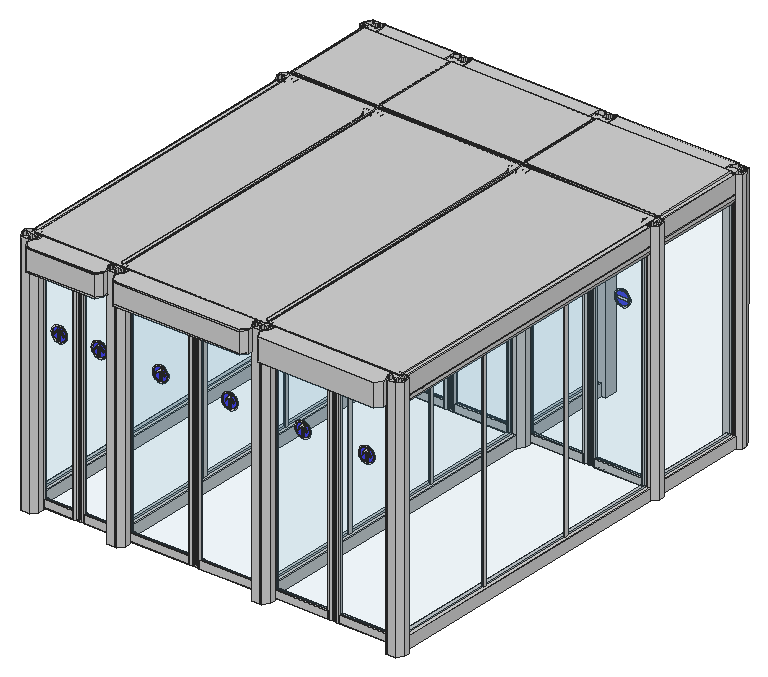
Revit family "ASSA_ABLOY_SecurityPortal_EL_Twin", category Doors, Revit 2020
Family settings
  Work Plane-Based = No
  Always vertical = Yes
  Cut with Voids When Loaded = No
  Shared = No
  Room Calculation Point = No
Parameters (values of type "EL Twin")
  Width = NominalWidth  # 979.00 mm
  Uniclass2015Version = "1.9"
  Uniclass2015Title = "High security doorsets"
  Uniclass2015Code = "Pr_30_59_24_37"
  URL = ""
  Type Comments = ""
  ThresholdStripping = no
  ThresholdRequired = no
  ThirdPassageWidth = if(Third Passage Width Input = 1, 650.00 mm, if(Third Passage Width Input = 2, 900.00 mm, if(Third Passage Width Input = 3, 1100.00 mm, if(Third Passage Width Input = 4, 1200.00 mm, 1400.00 mm))))  # 650.00 mm
  ThirdPassage = yes
  Third Passage Width Input = 1
  Thickness = 0.00 mm
  SmokeStop = no
  Size = "2365x3526x979"
  Shape = "cuboid shaped"
  Sensor = agtatec_Record_Aluminium
  SelfClosing = yes
  SecondPassageWidth = if(Second Passage Width Input = 1, 650.00 mm, if(Second Passage Width Input = 2, 900.00 mm, if(Second Passage Width Input = 3, 1100.00 mm, if(Second Passage Width Input = 4, 1200.00 mm, 1400.00 mm))))  # 1200.00 mm
  SecondPassage = yes
  Second Passage Width Input = 4
  SafetyDevices = "YES"
  Rubber = agtatec_Record_Rubber
  Row3 = ThirdPassage  # yes
  Row2 = SecondPassage  # yes
  Row1 = no
  Rough Width = NominalWidth  # 979.00 mm
  Rough Height = NominalHeight  # 500.00 mm
  PassageWidthOptions = "650/900/1100/1203"
  PassageWidthF = 0.00 mm
  PassageWidth = if(Passage Width Input = 1, 650.00 mm, if(Passage Width Input = 2, 900.00 mm, if(Passage Width Input = 3, 1100.00 mm, if(Passage Width Input = 4, 1200.00 mm, 1400.00 mm))))  # 1100.00 mm
  PassageHeight = 2100.00 mm
  Passage Width Input = 3
  PanelWidth3 = (ThirdPassageWidth / 2) + 23.10 mm  # 348.10 mm
  PanelWidth2 = (SecondPassageWidth / 2) + 23.10 mm  # 623.10 mm
  PanelWidth = (PassageWidth / 2) + 23.10 mm  # 573.10 mm
  PanelGlass = agtatec_Record_Glass
  Operation = "Automatic"
  OpeningRotationAngle = if(OpenDoor, 90.00°, 0.00°)  # 0.00°
  OpenDoor = no
  NominalWidth = 979.00 mm
  NominalLength = 3526.00 mm
  NominalHeight = 500.00 mm
  Name = "record FlipFlow Twin"
  NBSReference = "25-50-20/176"
  NBSDescription = "Sliding Doorset"
  ModelReference = "depends on the configuration"
  Model = ""
  Material = "Aluminium"
  ManufacturerURL = "www.agta-record.com"
  Manufacturer = "info@blasi.info"
  Length = 5999.839 mm
  Keynote = ""
  IsExternal = no
  IfcExportType = "Door"
  IfcExportAs = "IFCDoorStyle"
  Heightmin = 2150.00 mm  # constant formula
  Heightmax = 2300.00 mm  # constant formula
  HeightLimit = if(PassageHeight > Heightmin, if(PassageHeight < Heightmax, PassageHeight, Heightmax), Heightmin)  # 2150.00 mm
  Height = NominalHeight  # 500.00 mm
  HasDrive = yes
  HandicapAccessible = no
  GlassThickness1 = 8.20 mm
  GlassLayers = 1
  Function = Exterior
  Frames = agtatec_Record_Aluminium
  FrameMaterial = agtatec_Record_Aluminium
  FrameFinishOptions = "stainless steel finish"
  Fire Rating = ""
  Finish = "Aluminium and Glass"
  Features = "Throw-In detection"
  ElectronicLock = yes
  DoorSeal = yes
  DoorIncluded = yes
  Description = ""
  Define Thermal Properties by = Schematic Type
  Cost = 0
  Construction Type = "Automatic Sliding Door"
  Color = "RAL"
  Capacity = "up tp 2000 people / hour"
  CanopyHeight = 211.00 mm  # constant formula
  BIMObjectName = "ASSA_ABLOY_SecurityPortals_EL_Twin"
  Author = "ASSA ABLOY"
  Assembly Code = ""
  AntiFingerTrapRequirement = no
  Analytic Construction = "<None>"
  Alarm = agtatec_Record_Glass
  Advance = yes
Reference planes
  plane 1 "Entry": y = 0
  plane 2: z = 0
  plane 3 "Center (Left/Right)": x = 0
  plane 4 "Top": z = 2311
  plane 5 "PH": z = 2100
  plane 6: x = -550
  plane 7: x = 550
  plane 8 "Center": y = 2999.92
  plane 9: x = 573.1
  plane 10: x = -573.1
  plane 11: x = 628.05
  plane 12: x = 636.25
  plane 13: x = -628.05
  plane 14: x = -636.25
  plane 15: y = 3009.27
  plane 16: y = 2879.26
  plane 17: y = 9.35
  plane 18: y = 1922.623
  plane 19: y = 965.987
  plane 20: y = 1926.623
  plane 21: y = 1918.623
  plane 22: y = 969.987
  plane 23: y = 961.987
  plane 24: y = 17.45
  plane 25: y = 2871.16
  plane 26: y = 3017.37
  plane 27: z = 70.9
  plane 28: z = 2080.9
  plane 29: y = 3298.08
  plane 30: x = -548.75
  plane 31: y = 3203.96
  plane 32: x = -714.5
  plane 33: x = -1914.5
  plane 34: x = -1314.5
  plane 35: x = -1079
  plane 36: x = -2404
  plane 37: x = -2079
  plane 38: x = -2729
  plane 39: x = -2000.85
  plane 40: x = -1992.65
  plane 41: x = -2893.5
  plane 42: x = -2815.35
  plane 43: x = -2807.15
  plane 44: y = -20.298
  plane 45: x = -691.2
  plane 46: x = -1937.7
  plane 47: x = -1952.25
  plane 48: x = -676.75
  plane 49: x = -1996.75
  plane 50: x = -1982.55
  plane 51: x = -1990.05
  plane 52: x = -638.325
  plane 53: x = -646.45
  plane 54: x = -2055.8
  plane 55: x = -2752.2
  plane 56: x = -589.65
  plane 57: x = -2766.465
  plane 58: x = -2041.535
  plane 59: x = -2035.65
  plane 60: x = -2002.981
  plane 61: x = -2043.25
  plane 62: x = -2764.75
  plane 63: x = -2017.572
  plane 64: x = -2797.05
  plane 65: z = 2110
  plane 66: z = 2300.414
Forms (mm)
  Sweep 1, solid, material "agtatec_Record_Aluminium" <- "Frames"
    path origin (0, 0, 0) x (1, 0, 0) y (0, 0, 1)
      loop
        line (550, 0) -> (550, 2311)
    profile origin (550, 0, 1155.5) x (-1, 0, 0) y (0, -1, 0)
      loop
        line (-37.465, 128.76) -> (-127.035, 128.76) -> (-164.5, 68.803) -> (-164.5, 20.298) -> (-126.752, -17.45) -> (-94.75, -17.45) -> (-94.75, 2.55) -> (-69.55, 2.55) -> (-69.55, -17.45) -> (-43.296, -17.45) -> (-43.296, 20.296) -> (0, 20.296) -> (0, 68.803) -> (-37.465, 128.76)
      loop
        line (-93.15, 103.76) -> (-100.15, 103.76) -> (-100.15, 113.76) -> (-110.85, 113.76) -> (-110.85, 121.863) -> (-127.78, 121.863) -> (-162, 67.057) -> (-162, 65.303) -> (-144.6, 65.303) -> (-144.6, 44) -> (-121.65, 44) -> (-121.65, 53.5) -> (-84.65, 53.5) -> (-84.65, 90.06) -> (-93.15, 90.06) -> (-93.15, 103.76)
      loop
        line (-71.15, 103.76) -> (-71.15, 90.06) -> (-79.65, 90.06) -> (-79.65, 53.5) -> (-42.65, 53.5) -> (-42.65, 44) -> (-19.9, 44) -> (-19.9, 65.303) -> (-2.3, 65.303) -> (-2.3, 67.057) -> (-36.52, 121.863) -> (-53.45, 121.863) -> (-53.45, 113.76) -> (-64.15, 113.76) -> (-64.15, 103.76) -> (-71.15, 103.76)
      loop
        line (-102.6, 39) -> (-162, 39) -> (-162, 21.326) -> (-129.934, -10.74) -> (-106, -10.74) -> (-106, -7.95) -> (-102.6, -7.95) -> (-102.6, 39)
  Sweep 2, solid, material "agtatec_Record_Aluminium" <- "Frames"
    path origin (0, 2999.92, 0) x (1, 0, 0) y (0, 0, 1)
      loop
        line (550, 0) -> (550, 2311)
    profile origin (550, 2999.92, 1155.5) x (-1, 0, 0) y (0, -1, 0)
      loop
        line (-37.465, 128.76) -> (-69.55, 128.76) -> (-69.55, 108.76) -> (-94.75, 108.76) -> (-94.75, 128.76) -> (-127.035, 128.76) -> (-164.5, 68.803) -> (-164.5, 20.298) -> (-126.752, -17.45) -> (-43.296, -17.45) -> (-43.296, 20.296) -> (0, 20.296) -> (0, 68.803) -> (-37.465, 128.76)
      loop
        line (-93.15, 103.76) -> (-100.15, 103.76) -> (-100.15, 113.76) -> (-110.85, 113.76) -> (-110.85, 121.863) -> (-127.78, 121.863) -> (-162, 67.057) -> (-162, 65.303) -> (-144.6, 65.303) -> (-144.6, 44) -> (-121.65, 44) -> (-121.65, 53.5) -> (-84.65, 53.5) -> (-84.65, 90.06) -> (-93.15, 90.06) -> (-93.15, 103.76)
      loop
        line (-71.15, 103.76) -> (-71.15, 90.06) -> (-79.65, 90.06) -> (-79.65, 53.5) -> (-42.65, 53.5) -> (-42.65, 44) -> (-19.9, 44) -> (-19.9, 65.303) -> (-2.3, 65.303) -> (-2.3, 67.057) -> (-36.52, 121.863) -> (-53.45, 121.863) -> (-53.45, 113.76) -> (-64.15, 113.76) -> (-64.15, 103.76) -> (-71.15, 103.76)
      loop
        line (-102.6, 39) -> (-162, 39) -> (-162, 21.326) -> (-129.934, -10.74) -> (-106, -10.74) -> (-106, -7.95) -> (-102.6, -7.95) -> (-102.6, 39)
  Sweep 3, solid, material "agtatec_Record_Aluminium" <- "Frames"
    path origin (0, -0.001, 0) x (-1, 0, 0) y (0, 0, 1)
      loop
        line (550, 0) -> (550, 2311)
    profile origin (-550, -0.001, 1155.5) x (-1, 0, 0) y (0, -1, 0)
      loop
        line (37.465, 128.761) -> (0, 68.804) -> (0, 20.298) -> (43.296, 20.298) -> (43.296, -17.45) -> (69.55, -17.45) -> (69.55, 2.55) -> (94.75, 2.55) -> (94.75, -17.45) -> (121.004, -17.45) -> (121.004, 20.298) -> (164.5, 20.298) -> (164.5, 68.804) -> (127.035, 128.761) -> (37.465, 128.761)
      loop
        line (93.15, 103.761) -> (93.15, 90.061) -> (84.65, 90.061) -> (84.65, 53.501) -> (121.65, 53.501) -> (121.65, 44.001) -> (144.6, 44.001) -> (144.6, 65.304) -> (162, 65.304) -> (162, 67.059) -> (127.78, 121.864) -> (110.85, 121.864) -> (110.85, 113.761) -> (100.15, 113.761) -> (100.15, 103.761) -> (93.15, 103.761)
      loop
        line (71.15, 103.761) -> (64.15, 103.761) -> (64.15, 113.761) -> (53.45, 113.761) -> (53.45, 121.864) -> (36.52, 121.864) -> (2.3, 67.059) -> (2.3, 65.304) -> (19.9, 65.304) -> (19.9, 44.001) -> (42.65, 44.001) -> (42.65, 53.501) -> (79.65, 53.501) -> (79.65, 90.061) -> (71.15, 90.061) -> (71.15, 103.761)
  Sweep 4, solid, material "agtatec_Record_Aluminium" <- "Frames"
    path origin (0, 2999.92, 0) x (-1, 0, 0) y (0, 0, 1)
      loop
        line (550, 0) -> (550, 2311)
    profile origin (-550, 2999.92, 1155.5) x (-1, 0, 0) y (0, -1, 0)
      loop
        line (37.465, 128.76) -> (0, 68.803) -> (0, 20.296) -> (43.296, 20.296) -> (43.296, -17.45) -> (121.004, -17.45) -> (121.004, 20.296) -> (164.5, 20.296) -> (164.5, 68.803) -> (127.035, 128.76) -> (94.75, 128.76) -> (94.75, 108.76) -> (69.55, 108.76) -> (69.55, 128.76) -> (37.465, 128.76)
      loop
        line (93.15, 103.76) -> (93.15, 90.06) -> (84.65, 90.06) -> (84.65, 53.5) -> (121.65, 53.5) -> (121.65, 44) -> (144.6, 44) -> (144.6, 65.303) -> (162, 65.303) -> (162, 67.057) -> (127.78, 121.863) -> (110.85, 121.863) -> (110.85, 113.76) -> (100.15, 113.76) -> (100.15, 103.76) -> (93.15, 103.76)
      loop
        line (71.15, 103.76) -> (64.15, 103.76) -> (64.15, 113.76) -> (53.45, 113.76) -> (53.45, 121.863) -> (36.52, 121.863) -> (2.3, 67.057) -> (2.3, 65.303) -> (19.9, 65.303) -> (19.9, 44) -> (42.65, 44) -> (42.65, 53.5) -> (79.65, 53.5) -> (79.65, 90.06) -> (71.15, 90.06) -> (71.15, 103.76)
  Extrusion 5, solid, material "agtatec_Record_Glass" <- "PanelGlass"
    sketch origin (0, 0, 0) x (1, 0, 0) y (0, 1, 0)
      loop
        line (636.25, 9.35) -> (636.25, 961.987) -> (628.05, 961.987) -> (628.05, 9.35) -> (636.25, 9.35)
      loop
        line (636.25, 2879.26) -> (628.05, 2879.26) -> (628.05, 1926.623) -> (636.25, 1926.623) -> (636.25, 2879.26)
      loop
        line (636.25, 969.987) -> (636.25, 1918.623) -> (628.05, 1918.623) -> (628.05, 969.987) -> (636.25, 969.987)
    from 70.9 to 2080.9
  Extrusion 6, solid, material "agtatec_Record_Glass" <- "PanelGlass"
    sketch origin (0, 0, 0) x (-1, 0, 0) y (0, -1, 0)
      loop
        line (636.25, -9.35) -> (628.05, -9.35) -> (628.05, -961.987) -> (636.25, -961.987) -> (636.25, -9.35)
      loop
        line (636.25, -2879.26) -> (636.25, -1926.623) -> (628.05, -1926.623) -> (628.05, -2879.26) -> (636.25, -2879.26)
      loop
        line (628.05, -969.987) -> (628.05, -1918.623) -> (636.25, -1918.623) -> (636.25, -969.987) -> (628.05, -969.987)
    from 0 to 2080.9
  Sweep 7, solid, material "agtatec_Record_Aluminium" <- "Frames"
    path origin (-3291.85, 965.987, 1200) x (1, 0, 0) y (0, 0, 1)
      loop
        line (3841.85, -1129.1) -> (3841.85, 880.9)
    profile origin (550, 965.987, 1075.9) x (-1, 0, 0) y (0, -1, 0)
      loop
        line (-77.85, -1) -> (-77.85, -15) -> (-75.85, -15) -> (-75.85, 15) -> (-77.85, 15) -> (-77.85, 1) -> (-86.45, 1) -> (-86.45, 15) -> (-88.45, 15) -> (-88.45, -15) -> (-86.45, -15) -> (-86.45, -1) -> (-77.85, -1)
  Sweep 8, solid, material "agtatec_Record_Aluminium" <- "Frames"
    path origin (-3291.85, 1922.623, 1200) x (1, 0, 0) y (0, 0, 1)
      loop
        line (3841.85, -1129.1) -> (3841.85, 880.9)
    profile origin (550, 1922.623, 1075.9) x (-1, 0, 0) y (0, -1, 0)
      loop
        line (-77.85, -1) -> (-77.85, -15) -> (-75.85, -15) -> (-75.85, 15) -> (-77.85, 15) -> (-77.85, 1) -> (-86.45, 1) -> (-86.45, 15) -> (-88.45, 15) -> (-88.45, -15) -> (-86.45, -15) -> (-86.45, -1) -> (-77.85, -1)
  Sweep 9, solid, material "agtatec_Record_Aluminium" <- "Frames"
    path origin (3291.85, 965.987, 1200) x (-1, 0, 0) y (0, 0, -1)
      loop
        line (3841.85, 1129.1) -> (3841.85, -880.9)
    profile origin (-550, 965.987, 1075.9) x (-1, 0, 0) y (0, -1, 0)
      loop
        line (77.85, -1) -> (86.45, -1) -> (86.45, -15) -> (88.45, -15) -> (88.45, 15) -> (86.45, 15) -> (86.45, 1) -> (77.85, 1) -> (77.85, 15) -> (75.85, 15) -> (75.85, -15) -> (77.85, -15) -> (77.85, -1)
  Sweep 10, solid, material "agtatec_Record_Aluminium" <- "Frames"
    path origin (3291.85, 1922.623, 1200) x (-1, 0, 0) y (0, 0, -1)
      loop
        line (3841.85, 1129.1) -> (3841.85, -880.9)
    profile origin (-550, 1922.623, 1075.9) x (-1, 0, 0) y (0, -1, 0)
      loop
        line (77.85, -1) -> (86.45, -1) -> (86.45, -15) -> (88.45, -15) -> (88.45, 15) -> (86.45, 15) -> (86.45, 1) -> (77.85, 1) -> (77.85, 15) -> (75.85, 15) -> (75.85, -15) -> (77.85, -15) -> (77.85, -1)
  Sweep 11, solid, material "agtatec_Record_Aluminium" <- "Frames"
    path origin (0, 0, 0) x (1, 0, 0) y (0, 1, 0)
      loop
        line (550, 17.45) -> (550, 2871.16)
    profile origin (550, 1444.305, 0) x (-1, 0, 0) y (0, 0, 1)
      loop
        line (-39.65, 0.9) -> (-39.65, 105.9)
        arc (-39.65, 105.9) -> (-41.114, 109.436) -> (-44.65, 110.9) r 5
        line (-44.65, 110.9) -> (-72.65, 110.9) -> (-72.65, 70.9) -> (-91.65, 70.9) -> (-91.65, 110.9) -> (-119.65, 110.9)
        arc (-119.65, 110.9) -> (-123.186, 109.436) -> (-124.65, 105.9) r 5
        line (-124.65, 105.9) -> (-124.65, 0.9) -> (-39.65, 0.9)
  Sweep 12, solid, material "agtatec_Record_Aluminium" <- "Frames"
    path origin (0, 0, 0) x (-1, 0, 0) y (0, 1, 0)
      loop
        line (550, 17.45) -> (550, 2871.16)
    profile origin (-550, 1444.305, 0) x (-1, 0, 0) y (0, 0, 1)
      loop
        line (39.65, 0.9) -> (124.65, 0.9) -> (124.65, 105.9)
        arc (124.65, 105.9) -> (123.186, 109.436) -> (119.65, 110.9) r 5
        line (119.65, 110.9) -> (91.65, 110.9) -> (91.65, 70.9) -> (72.65, 70.9) -> (72.65, 110.9) -> (44.65, 110.9)
        arc (44.65, 110.9) -> (41.114, 109.436) -> (39.65, 105.9) r 5
        line (39.65, 105.9) -> (39.65, 0.9)
  Sweep 13, solid, material "agtatec_Record_Aluminium" <- "Frames"
    path origin (0, 0, 2100) x (-1, 0, 0) y (0, -1, 0)
      loop
        line (-550, -17.45) -> (-550, -2871.16)
    profile origin (550, 1444.305, 2100) x (-1, 0, 0) y (0, 0, 1)
      loop
        line (-60.47, -28.7) -> (-39.65, 1.3) -> (-39.65, 38.1) -> (-115.65, 38.1)
        arc (-115.65, 38.1) -> (-118.125, 39.125) -> (-119.15, 41.6) r 3.5
        line (-119.15, 41.6) -> (-119.15, 105.35) -> (-46.15, 105.35) -> (-46.15, 142.35) -> (-119.15, 142.35) -> (-119.15, 206.6)
        arc (-119.15, 206.6) -> (-118.271, 208.721) -> (-116.15, 209.6) r 3
        line (-116.15, 209.6) -> (-71.15, 209.6) -> (-71.15, 211.6) -> (-116.15, 211.6)
        arc (-116.15, 211.6) -> (-119.686, 210.136) -> (-121.15, 206.6) r 5
        line (-121.15, 206.6) -> (-121.15, 41.6)
        arc (-121.15, 41.6) -> (-119.539, 37.711) -> (-115.65, 36.1) r 5.5
        line (-115.65, 36.1) -> (-115.65, 35.1) -> (-121.15, 35.1) -> (-121.15, 1.3) -> (-103.83, -28.7) -> (-92.15, -28.7) -> (-92.15, -33.1) -> (-89.15, -33.1) -> (-89.15, -19.1) -> (-75.15, -19.1) -> (-75.15, -33.1) -> (-72.15, -33.1) -> (-72.15, -28.7) -> (-60.47, -28.7)
  Sweep 14, solid, material "agtatec_Record_Aluminium" <- "Frames"
    path origin (0, 0, 2100) x (1, 0, 0) y (0, -1, 0)
      loop
        line (-550, -17.45) -> (-550, -2871.16)
    profile origin (-550, 1444.305, 2100) x (-1, 0, 0) y (0, 0, 1)
      loop
        line (60.47, -28.7) -> (72.15, -28.7) -> (72.15, -33.1) -> (75.15, -33.1) -> (75.15, -19.1) -> (89.15, -19.1) -> (89.15, -33.1) -> (92.15, -33.1) -> (92.15, -28.7) -> (103.83, -28.7) -> (121.15, 1.3) -> (121.15, 35.1) -> (115.65, 35.1) -> (115.65, 36.1)
        arc (115.65, 36.1) -> (119.539, 37.711) -> (121.15, 41.6) r 5.5
        line (121.15, 41.6) -> (121.15, 206.6)
        arc (121.15, 206.6) -> (119.686, 210.136) -> (116.15, 211.6) r 5
        line (116.15, 211.6) -> (71.15, 211.6) -> (71.15, 209.6) -> (116.15, 209.6)
        arc (116.15, 209.6) -> (118.271, 208.721) -> (119.15, 206.6) r 3
        line (119.15, 206.6) -> (119.15, 142.35) -> (46.15, 142.35) -> (46.15, 105.35) -> (119.15, 105.35) -> (119.15, 41.6)
        arc (119.15, 41.6) -> (118.125, 39.125) -> (115.65, 38.1) r 3.5
        line (115.65, 38.1) -> (43.15, 38.1) -> (43.15, 1.3) -> (60.47, -28.7)
  Extrusion 15, solid, material "agtatec_Record_Aluminium" <- "Frames"
    sketch origin (0, 0, 4.531) x (0, 1, 0) y (0, 0, 1)
      loop
        line (2999.92, 2311) -> (-16.95, 2311) -> (-16.95, 2306.469) -> (2999.92, 2306.469) -> (2999.92, 2311)
    from -628.05 to 628.05
  Extrusion 16, solid, material "agtatec_Record_Aluminium" <- "Frames"
    sketch origin (0, 0, 2100) x (-1, 0, 0) y (0, -1, 0)
      loop
        line (-589.65, 20.296) -> (-589.65, -2871.16) -> (-587.465, -2871.16) -> (-550, -2931.117) -> (-550, -2979.623) -> (550, -2979.623) -> (550, -2931.117) -> (587.465, -2871.16) -> (593.15, -2871.16) -> (593.15, 20.299) -> (550, 20.299) -> (550, 68.803) -> (587.75, 129.216) -> (587.75, 161.56) -> (548.108, 225) -> (-548.108, 225) -> (-587.75, 161.56) -> (-587.75, 129.216) -> (-550, 68.803) -> (-550, 20.296) -> (-589.65, 20.296)
    from 0 to 10
  Extrusion 17, solid, material "agtatec_Record_Aluminium" <- "Frames"
    sketch origin (0, 0, 2100) x (-1, 0, 0) y (0, -1, 0)
      loop
        line (587.75, 128.76) -> (587.75, 161.56) -> (548.108, 225) -> (-548.108, 225) -> (-587.75, 161.56) -> (-587.75, 128.76) -> (-585.75, 128.76) -> (-585.75, 160.986) -> (-547, 223) -> (547, 223) -> (585.75, 160.987) -> (585.75, 128.76) -> (587.75, 128.76)
    from 0 to 211
  Extrusion 18, solid, material "agtatec_Record_Aluminium" <- "Frames"
    sketch origin (0, 0, 2311) x (-1, 0, 0) y (0, -1, 0)
      loop
        line (587.75, 129.216) -> (587.75, 161.56) -> (548.108, 225) -> (-548.108, 225) -> (-587.75, 161.56) -> (-587.75, 129.216) -> (-550, 68.803) -> (-550, 20.296) -> (550, 20.296) -> (550, 68.803) -> (587.75, 129.216)
    from 0 to -10
  Extrusion 19, solid, material "agtatec_Record_Aluminium" <- "Frames", visible <- "Row1"
    sketch origin (-1360, -1354.92, 2311) x (-1, 0, 0) y (0, -1, 0)
      loop
        line (-826.671, -4651.125) -> (-734.45, -4558.904) -> (-734.45, -4372.289) -> (-766.9, -4372.289) -> (-766.9, -4354.839) -> (-1953.296, -4354.839) -> (-1953.296, -4372.289) -> (-1986.175, -4372.289) -> (-1986.175, -4553.279) -> (-1888.329, -4651.125) -> (-826.671, -4651.125)
    from 0 to -10.586
  Extrusion 20, solid, material "agtatec_Record_Aluminium" <- "Frames", visible <- "Row1"
    sketch origin (-1300, -2999.92, 2100) x (-1, 0, 0) y (0, -1, 0)
      loop
        line (-1928.05, -6199.579) -> (-1829.629, -6298) -> (-765.471, -6298) -> (-671.95, -6204.479) -> (-671.95, -6017.289) -> (-673.925, -6017.289) -> (-673.925, -6203.625) -> (-766.3, -6296) -> (-1828.8, -6296) -> (-1926.019, -6198.781) -> (-1926.019, -6017.289) -> (-1928.05, -6017.289) -> (-1928.05, -6199.579)
    from 0 to 211
  Extrusion 21, solid, material "agtatec_Record_Aluminium" <- "Frames", visible <- "Row1"
    sketch origin (7.603, -26.037, 2100) x (-1, 0, 0) y (0, -1, 0)
      loop
        line (556.353, -2959.202) -> (595.099, -2897.196) -> (-580.099, -2897.196) -> (-542.397, -2957.532) -> (-542.397, -3005.873) -> (-585.796, -3005.873) -> (-585.796, -3043.406) -> (-610.447, -3043.406) -> (-610.447, -3228.462) -> (-524.792, -3314.117) -> (539.792, -3314.117) -> (625.653, -3228.256) -> (625.653, -3043.406) -> (600.796, -3043.406) -> (600.796, -3005.873) -> (556.353, -3005.873) -> (556.353, -2959.202)
    from 0 to 10
  Sweep 22, solid, material "agtatec_Record_Aluminium" <- "Frames", visible <- "Row2"
    path origin (-664.5, 0, 0) x (-1, 0, 0) y (0, 0, 1)
      loop
        line (1250, 0) -> (1250, 2311)
    profile origin (-1914.5, 0, 1155.5) x (-1, 0, 0) y (0, -1, 0)
      loop
        line (37.465, 128.76) -> (0, 68.803) -> (0, 20.296) -> (43.296, 20.296) -> (43.296, -17.45) -> (69.55, -17.45) -> (69.55, 2.55) -> (94.75, 2.55) -> (94.75, -17.45) -> (126.752, -17.45) -> (164.5, 20.298) -> (164.5, 68.803) -> (127.035, 128.76) -> (37.465, 128.76)
      loop
        line (93.15, 103.76) -> (93.15, 90.06) -> (84.65, 90.06) -> (84.65, 53.5) -> (121.65, 53.5) -> (121.65, 44) -> (144.6, 44) -> (144.6, 65.303) -> (162, 65.303) -> (162, 67.057) -> (127.78, 121.863) -> (110.85, 121.863) -> (110.85, 113.76) -> (100.15, 113.76) -> (100.15, 103.76) -> (93.15, 103.76)
      loop
        line (71.15, 103.76) -> (64.15, 103.76) -> (64.15, 113.76) -> (53.45, 113.76) -> (53.45, 121.863) -> (36.52, 121.863) -> (2.3, 67.057) -> (2.3, 65.303) -> (19.9, 65.303) -> (19.9, 44) -> (42.65, 44) -> (42.65, 53.5) -> (79.65, 53.5) -> (79.65, 90.06) -> (71.15, 90.06) -> (71.15, 103.76)
      loop
        line (102.6, 39) -> (102.6, -7.95) -> (106, -7.95) -> (106, -10.74) -> (129.934, -10.74) -> (162, 21.326) -> (162, 39) -> (102.6, 39)
  Sweep 23, solid, material "agtatec_Record_Aluminium" <- "Frames", visible <- "Row2"
    path origin (-664.5, 2999.92, 0) x (-1, 0, 0) y (0, 0, 1)
      loop
        line (1250, 0) -> (1250, 2311)
    profile origin (-1914.5, 2999.92, 1155.5) x (-1, 0, 0) y (0, -1, 0)
      loop
        line (37.465, 128.76) -> (0, 68.803) -> (0, 20.296) -> (43.296, 20.296) -> (43.296, -17.45) -> (126.752, -17.45) -> (164.5, 20.298) -> (164.5, 68.803) -> (127.035, 128.76) -> (94.75, 128.76) -> (94.75, 108.76) -> (69.55, 108.76) -> (69.55, 128.76) -> (37.465, 128.76)
      loop
        line (93.15, 103.76) -> (93.15, 90.06) -> (84.65, 90.06) -> (84.65, 53.5) -> (121.65, 53.5) -> (121.65, 44) -> (144.6, 44) -> (144.6, 65.303) -> (162, 65.303) -> (162, 67.057) -> (127.78, 121.863) -> (110.85, 121.863) -> (110.85, 113.76) -> (100.15, 113.76) -> (100.15, 103.76) -> (93.15, 103.76)
      loop
        line (71.15, 103.76) -> (64.15, 103.76) -> (64.15, 113.76) -> (53.45, 113.76) -> (53.45, 121.863) -> (36.52, 121.863) -> (2.3, 67.057) -> (2.3, 65.303) -> (19.9, 65.303) -> (19.9, 44) -> (42.65, 44) -> (42.65, 53.5) -> (79.65, 53.5) -> (79.65, 90.06) -> (71.15, 90.06) -> (71.15, 103.76)
      loop
        line (102.6, 39) -> (102.6, -7.95) -> (106, -7.95) -> (106, -10.74) -> (129.934, -10.74) -> (162, 21.326) -> (162, 39) -> (102.6, 39)
  Extrusion 24, solid, material "agtatec_Record_Glass" <- "PanelGlass", visible <- "Row2"
    sketch origin (-664.5, 0, 0) x (-1, 0, 0) y (0, -1, 0)
      loop
        line (1336.35, -9.35) -> (1328.15, -9.35) -> (1328.15, -961.987) -> (1336.35, -961.987) -> (1336.35, -9.35)
      loop
        line (1336.35, -2871.16) -> (1336.35, -1926.623) -> (1328.15, -1926.623) -> (1328.15, -2871.16) -> (1336.35, -2871.16)
      loop
        line (1328.15, -969.987) -> (1328.15, -1918.623) -> (1336.35, -1918.623) -> (1336.35, -969.987) -> (1328.15, -969.987)
    from 0 to 2080.9
  Sweep 25, solid, material "agtatec_Record_Aluminium" <- "Frames", visible <- "Row2"
    path origin (2627.45, 965.987, 1200) x (-1, 0, 0) y (0, 0, -1)
      loop
        line (4541.85, 1129.1) -> (4541.85, -880.9)
    profile origin (-1914.4, 965.987, 1075.9) x (-1, 0, 0) y (0, -1, 0)
      loop
        line (77.85, -1) -> (86.45, -1) -> (86.45, -15) -> (88.45, -15) -> (88.45, 15) -> (86.45, 15) -> (86.45, 1) -> (77.85, 1) -> (77.85, 15) -> (75.85, 15) -> (75.85, -15) -> (77.85, -15) -> (77.85, -1)
  Sweep 26, solid, material "agtatec_Record_Aluminium" <- "Frames", visible <- "Row2"
    path origin (2627.45, 1922.623, 1200) x (-1, 0, 0) y (0, 0, -1)
      loop
        line (4541.85, 1129.1) -> (4541.85, -880.9)
    profile origin (-1914.4, 1922.623, 1075.9) x (-1, 0, 0) y (0, -1, 0)
      loop
        line (77.85, -1) -> (86.45, -1) -> (86.45, -15) -> (88.45, -15) -> (88.45, 15) -> (86.45, 15) -> (86.45, 1) -> (77.85, 1) -> (77.85, 15) -> (75.85, 15) -> (75.85, -15) -> (77.85, -15) -> (77.85, -1)
  Sweep 27, solid, material "agtatec_Record_Aluminium" <- "Frames", visible <- "Row2"
    path origin (-664.5, 0, 0) x (-1, 0, 0) y (0, 1, 0)
      loop
        line (1250, 17.45) -> (1250, 2871.16)
    profile origin (-1914.5, 1444.305, 0) x (-1, 0, 0) y (0, 0, 1)
      loop
        line (39.65, 0.9) -> (124.65, 0.9) -> (124.65, 105.9)
        arc (124.65, 105.9) -> (123.186, 109.436) -> (119.65, 110.9) r 5
        line (119.65, 110.9) -> (91.65, 110.9) -> (91.65, 70.9) -> (72.65, 70.9) -> (72.65, 110.9) -> (44.65, 110.9)
        arc (44.65, 110.9) -> (41.114, 109.436) -> (39.65, 105.9) r 5
        line (39.65, 105.9) -> (39.65, 0.9)
  Sweep 28, solid, material "agtatec_Record_Aluminium" <- "Frames", visible <- "Row2"
    path origin (-664.5, 0, 2100) x (1, 0, 0) y (0, -1, 0)
      loop
        line (-1250, -17.45) -> (-1250, -2871.16)
    profile origin (-1914.5, 1444.305, 2100) x (-1, 0, 0) y (0, 0, 1)
      loop
        line (60.47, -28.7) -> (72.15, -28.7) -> (72.15, -33.1) -> (75.15, -33.1) -> (75.15, -19.1) -> (89.15, -19.1) -> (89.15, -33.1) -> (92.15, -33.1) -> (92.15, -28.7) -> (103.83, -28.7) -> (121.15, 1.3) -> (121.15, 35.1) -> (115.65, 35.1) -> (115.65, 36.1)
        arc (115.65, 36.1) -> (119.539, 37.711) -> (121.15, 41.6) r 5.5
        line (121.15, 41.6) -> (121.15, 206.6)
        arc (121.15, 206.6) -> (119.686, 210.136) -> (116.15, 211.6) r 5
        line (116.15, 211.6) -> (71.15, 211.6) -> (71.15, 209.6) -> (116.15, 209.6)
        arc (116.15, 209.6) -> (118.271, 208.721) -> (119.15, 206.6) r 3
        line (119.15, 206.6) -> (119.15, 142.35) -> (46.15, 142.35) -> (46.15, 105.35) -> (119.15, 105.35) -> (119.15, 41.6)
        arc (119.15, 41.6) -> (118.125, 39.125) -> (115.65, 38.1) r 3.5
        line (115.65, 38.1) -> (43.15, 38.1) -> (43.15, 1.3) -> (60.47, -28.7)
  Extrusion 29, solid, material "agtatec_Record_Aluminium" <- "Frames", visible <- "Row2"
    sketch origin (-664.5, 0, 4.531) x (0, 1, 0) y (0, 0, 1)
      loop
        line (2999.92, 2311) -> (-20.298, 2311) -> (-20.298, 2306.469) -> (2999.92, 2306.469) -> (2999.92, 2311)
    from -1328.15 to 28.25
  Extrusion 30, solid, material "agtatec_Record_Aluminium" <- "Frames", visible <- "Row2"
    sketch origin (-664.5, 0, 2100) x (-1, 0, 0) y (0, -1, 0)
      loop
        line (6.85, 20.296) -> (6.85, -2871.16) -> (12.535, -2871.16) -> (50, -2931.117) -> (50, -2979.623) -> (1250, -2979.623) -> (1250, -2931.117) -> (1287.465, -2871.16) -> (1293.15, -2871.16) -> (1293.15, 20.296) -> (1250, 20.296) -> (1250, 68.803) -> (1273.2, 105.931) -> (1273.2, 184.845) -> (1248.108, 225) -> (51.892, 225) -> (26.7, 184.685) -> (26.7, 106.091) -> (50, 68.803) -> (50, 20.296) -> (6.85, 20.296)
    from 0 to 10
  Extrusion 31, solid, material "agtatec_Record_Aluminium" <- "Frames", visible <- "Row2"
    sketch origin (-664.5, 0, 2100) x (-1, 0, 0) y (0, -1, 0)
      loop
        line (1287.75, 128.76) -> (1287.75, 161.56) -> (1248.108, 225) -> (51.892, 225) -> (12.25, 161.56) -> (12.25, 128.76) -> (14.25, 128.76) -> (14.25, 160.986) -> (53, 223) -> (1247, 223) -> (1285.75, 160.987) -> (1285.75, 128.76) -> (1287.75, 128.76)
    from 0 to 211
  Extrusion 32, solid, material "agtatec_Record_Aluminium" <- "Frames", visible <- "Row2"
    sketch origin (-664.5, 0, 2311) x (-1, 0, 0) y (0, -1, 0)
      loop
        line (1287.75, 129.216) -> (1287.75, 161.56) -> (1248.108, 225) -> (51.892, 225) -> (12.25, 161.56) -> (12.25, 129.216) -> (50, 68.803) -> (50, 20.296) -> (1250, 20.296) -> (1250, 68.803) -> (1287.75, 129.216)
    from 0 to -10
  Extrusion 33, solid, material "agtatec_Record_Aluminium" <- "Frames", visible <- "Row2"
    sketch origin (-2024.5, -1354.92, 2311) x (-1, 0, 0) y (0, -1, 0)
      loop
        line (-126.671, -4651.125) -> (-34.45, -4558.904) -> (-34.45, -4372.289) -> (-66.9, -4372.289) -> (-66.9, -4354.839) -> (-1353.296, -4354.839) -> (-1353.296, -4372.289) -> (-1386.175, -4372.289) -> (-1386.175, -4553.279) -> (-1288.329, -4651.125) -> (-126.671, -4651.125)
    from 0 to -10.586
  Extrusion 34, solid, material "agtatec_Record_Aluminium" <- "Frames", visible <- "Row2"
    sketch origin (-1964.5, -2999.92, 2100) x (-1, 0, 0) y (0, -1, 0)
      loop
        line (-1328.25, -6199.379) -> (-1229.629, -6298) -> (-65.471, -6298) -> (28.15, -6204.379) -> (28.15, -6017.289) -> (26.075, -6017.289) -> (26.075, -6203.625) -> (-66.3, -6296) -> (-1228.8, -6296) -> (-1326.019, -6198.781) -> (-1326.019, -6017.289) -> (-1328.25, -6017.289) -> (-1328.25, -6199.379)
    from 0 to 211
  Extrusion 35, solid, material "agtatec_Record_Aluminium" <- "Frames", visible <- "Row2"
    sketch origin (-656.897, -26.037, 2100) x (-1, 0, 0) y (0, -1, 0)
      loop
        line (1256.353, -2959.202) -> (1295.099, -2897.196) -> (19.901, -2897.196) -> (57.603, -2957.532) -> (57.603, -3005.873) -> (14.204, -3005.873) -> (14.204, -3043.406) -> (-10.447, -3043.406) -> (-10.447, -3228.462) -> (75.208, -3314.117) -> (1239.792, -3314.117) -> (1325.653, -3228.256) -> (1325.653, -3043.406) -> (1300.796, -3043.406) -> (1300.796, -3005.873) -> (1256.353, -3005.873) -> (1256.353, -2959.202)
    from 0 to 10
  Sweep 36, solid, material "agtatec_Record_Aluminium" <- "Frames", visible <- "Row3"
    path origin (-1329, 0, 0) x (-1, 0, 0) y (0, 0, 1)
      loop
        line (1400, 0) -> (1400, 2311)
    profile origin (-2729, 0, 1155.5) x (-1, 0, 0) y (0, -1, 0)
      loop
        line (37.465, 128.76) -> (0, 68.803) -> (0, 20.296) -> (43.296, 20.296) -> (43.296, -17.45) -> (69.55, -17.45) -> (69.55, 2.55) -> (94.75, 2.55) -> (94.75, -17.45) -> (126.752, -17.45) -> (164.5, 20.298) -> (164.5, 68.803) -> (127.035, 128.76) -> (37.465, 128.76)
      loop
        line (93.15, 103.76) -> (93.15, 90.06) -> (84.65, 90.06) -> (84.65, 53.5) -> (121.65, 53.5) -> (121.65, 44) -> (144.6, 44) -> (144.6, 65.303) -> (162, 65.303) -> (162, 67.057) -> (127.78, 121.863) -> (110.85, 121.863) -> (110.85, 113.76) -> (100.15, 113.76) -> (100.15, 103.76) -> (93.15, 103.76)
      loop
        line (71.15, 103.76) -> (64.15, 103.76) -> (64.15, 113.76) -> (53.45, 113.76) -> (53.45, 121.863) -> (36.52, 121.863) -> (2.3, 67.057) -> (2.3, 65.303) -> (19.9, 65.303) -> (19.9, 44) -> (42.65, 44) -> (42.65, 53.5) -> (79.65, 53.5) -> (79.65, 90.06) -> (71.15, 90.06) -> (71.15, 103.76)
      loop
        line (102.6, 39) -> (102.6, -7.95) -> (106, -7.95) -> (106, -10.74) -> (129.934, -10.74) -> (162, 21.326) -> (162, 39) -> (102.6, 39)
  Sweep 37, solid, material "agtatec_Record_Aluminium" <- "Frames", visible <- "Row3"
    path origin (-1329, 2999.92, 0) x (-1, 0, 0) y (0, 0, 1)
      loop
        line (1400, 0) -> (1400, 2311)
    profile origin (-2729, 2999.92, 1155.5) x (-1, 0, 0) y (0, -1, 0)
      loop
        line (37.465, 128.76) -> (0, 68.803) -> (0, 20.296) -> (43.296, 20.296) -> (43.296, -17.45) -> (126.752, -17.45) -> (164.5, 20.298) -> (164.5, 68.803) -> (127.035, 128.76) -> (94.75, 128.76) -> (94.75, 108.76) -> (69.55, 108.76) -> (69.55, 128.76) -> (37.465, 128.76)
      loop
        line (93.15, 103.76) -> (93.15, 90.06) -> (84.65, 90.06) -> (84.65, 53.5) -> (121.65, 53.5) -> (121.65, 44) -> (144.6, 44) -> (144.6, 65.303) -> (162, 65.303) -> (162, 67.057) -> (127.78, 121.863) -> (110.85, 121.863) -> (110.85, 113.76) -> (100.15, 113.76) -> (100.15, 103.76) -> (93.15, 103.76)
      loop
        line (71.15, 103.76) -> (64.15, 103.76) -> (64.15, 113.76) -> (53.45, 113.76) -> (53.45, 121.863) -> (36.52, 121.863) -> (2.3, 67.057) -> (2.3, 65.303) -> (19.9, 65.303) -> (19.9, 44) -> (42.65, 44) -> (42.65, 53.5) -> (79.65, 53.5) -> (79.65, 90.06) -> (71.15, 90.06) -> (71.15, 103.76)
      loop
        line (102.6, 39) -> (102.6, -7.95) -> (106, -7.95) -> (106, -10.74) -> (129.934, -10.74) -> (162, 21.326) -> (162, 39) -> (102.6, 39)
  Extrusion 38, solid, material "agtatec_Record_Glass" <- "PanelGlass", visible <- "Row3"
    sketch origin (-1329, 0, 0) x (-1, 0, 0) y (0, -1, 0)
      loop
        line (1486.25, -9.35) -> (1478.05, -9.35) -> (1478.05, -961.987) -> (1486.25, -961.987) -> (1486.25, -9.35)
      loop
        line (1486.25, -2879.26) -> (1486.25, -1926.623) -> (1478.05, -1926.623) -> (1478.05, -2879.26) -> (1486.25, -2879.26)
      loop
        line (1478.05, -969.987) -> (1478.05, -1918.623) -> (1486.25, -1918.623) -> (1486.25, -969.987) -> (1478.05, -969.987)
    from 0 to 2080.9
  Sweep 39, solid, material "agtatec_Record_Aluminium" <- "Frames", visible <- "Row3"
    path origin (1962.85, 965.987, 1200) x (-1, 0, 0) y (0, 0, -1)
      loop
        line (4691.85, 1129.1) -> (4691.85, -880.9)
    profile origin (-2729, 965.987, 1075.9) x (-1, 0, 0) y (0, -1, 0)
      loop
        line (77.85, -1) -> (86.45, -1) -> (86.45, -15) -> (88.45, -15) -> (88.45, 15) -> (86.45, 15) -> (86.45, 1) -> (77.85, 1) -> (77.85, 15) -> (75.85, 15) -> (75.85, -15) -> (77.85, -15) -> (77.85, -1)
  Sweep 40, solid, material "agtatec_Record_Aluminium" <- "Frames", visible <- "Row3"
    path origin (1962.85, 1922.623, 1200) x (-1, 0, 0) y (0, 0, -1)
      loop
        line (4691.85, 1129.1) -> (4691.85, -880.9)
    profile origin (-2729, 1922.623, 1075.9) x (-1, 0, 0) y (0, -1, 0)
      loop
        line (77.85, -1) -> (86.45, -1) -> (86.45, -15) -> (88.45, -15) -> (88.45, 15) -> (86.45, 15) -> (86.45, 1) -> (77.85, 1) -> (77.85, 15) -> (75.85, 15) -> (75.85, -15) -> (77.85, -15) -> (77.85, -1)
  Sweep 41, solid, material "agtatec_Record_Aluminium" <- "Frames", visible <- "Row3"
    path origin (-1329, 0, 0) x (-1, 0, 0) y (0, 1, 0)
      loop
        line (1400, 17.45) -> (1400, 2871.16)
    profile origin (-2729, 1444.305, 0) x (-1, 0, 0) y (0, 0, 1)
      loop
        line (39.65, 0.9) -> (124.65, 0.9) -> (124.65, 105.9)
        arc (124.65, 105.9) -> (123.186, 109.436) -> (119.65, 110.9) r 5
        line (119.65, 110.9) -> (91.65, 110.9) -> (91.65, 70.9) -> (72.65, 70.9) -> (72.65, 110.9) -> (44.65, 110.9)
        arc (44.65, 110.9) -> (41.114, 109.436) -> (39.65, 105.9) r 5
        line (39.65, 105.9) -> (39.65, 0.9)
  Sweep 42, solid, material "agtatec_Record_Aluminium" <- "Frames", visible <- "Row3"
    path origin (-1329, 0, 2100) x (1, 0, 0) y (0, -1, 0)
      loop
        line (-1400, -17.45) -> (-1400, -2871.16)
    profile origin (-2729, 1444.305, 2100) x (-1, 0, 0) y (0, 0, 1)
      loop
        line (60.47, -28.7) -> (72.15, -28.7) -> (72.15, -33.1) -> (75.15, -33.1) -> (75.15, -19.1) -> (89.15, -19.1) -> (89.15, -33.1) -> (92.15, -33.1) -> (92.15, -28.7) -> (103.83, -28.7) -> (121.15, 1.3) -> (121.15, 35.1) -> (115.65, 35.1) -> (115.65, 36.1)
        arc (115.65, 36.1) -> (119.539, 37.711) -> (121.15, 41.6) r 5.5
        line (121.15, 41.6) -> (121.15, 206.6)
        arc (121.15, 206.6) -> (119.686, 210.136) -> (116.15, 211.6) r 5
        line (116.15, 211.6) -> (71.15, 211.6) -> (71.15, 209.6) -> (116.15, 209.6)
        arc (116.15, 209.6) -> (118.271, 208.721) -> (119.15, 206.6) r 3
        line (119.15, 206.6) -> (119.15, 142.35) -> (46.15, 142.35) -> (46.15, 105.35) -> (119.15, 105.35) -> (119.15, 41.6)
        arc (119.15, 41.6) -> (118.125, 39.125) -> (115.65, 38.1) r 3.5
        line (115.65, 38.1) -> (43.15, 38.1) -> (43.15, 1.3) -> (60.47, -28.7)
  Extrusion 43, solid, material "agtatec_Record_Aluminium" <- "Frames", visible <- "Row3"
    sketch origin (-1329, 0, 4.531) x (0, 1, 0) y (0, 0, 1)
      loop
        line (2999.92, 2311) -> (-20.298, 2311) -> (-20.298, 2306.469) -> (2999.92, 2306.469) -> (2999.92, 2311)
    from -1478.15 to -671.85
  Extrusion 44, solid, material "agtatec_Record_Aluminium" <- "Frames", visible <- "Row3"
    sketch origin (-1329, 0, 2100) x (-1, 0, 0) y (0, -1, 0)
      loop
        line (706.65, 20.296) -> (706.65, -2871.16) -> (712.535, -2871.16) -> (-250, -2931.117) -> (-250, -2979.623) -> (1400, -2979.623) -> (1400, -2931.117) -> (1437.465, -2871.16) -> (1443.15, -2871.16) -> (1443.15, 20.296) -> (1400, 20.296) -> (1400, 68.803) -> (1437.75, 129.216) -> (1437.75, 161.56) -> (1398.108, 225) -> (751.892, 225) -> (712.25, 161.56) -> (712.25, 129.216) -> (-250, 68.803) -> (-250, 20.296) -> (706.65, 20.296)
    from 0 to 10
  Extrusion 45, solid, material "agtatec_Record_Aluminium" <- "Frames", visible <- "Row3"
    sketch origin (-1329, 0, 2100) x (-1, 0, 0) y (0, -1, 0)
      loop
        line (1437.465, 128.76) -> (1437.465, 162.016) -> (1398.108, 225) -> (751.892, 225) -> (712.535, 162.016) -> (712.535, 128.76) -> (714.25, 128.76) -> (714.25, 160.986) -> (753, 223) -> (1397, 223) -> (1435.75, 160.987) -> (1435.75, 128.76) -> (1437.465, 128.76)
    from 0 to 211
  Extrusion 46, solid, material "agtatec_Record_Aluminium" <- "Frames", visible <- "Row3"
    sketch origin (-1329, 0, 2311) x (-1, 0, 0) y (0, -1, 0)
      loop
        line (1437.465, 128.76) -> (1437.465, 162.016) -> (1398.108, 225) -> (751.892, 225) -> (712.535, 162.016) -> (712.535, 128.76) -> (750, 68.803) -> (750, 20.296) -> (1400, 20.296) -> (1400, 68.803) -> (1437.465, 128.76)
    from 0 to -10
  Extrusion 47, solid, material "agtatec_Record_Aluminium" <- "Frames", visible <- "Row3"
    sketch origin (-2689, -1354.92, 2311) x (-1, 0, 0) y (0, -1, 0)
      loop
        line (23.329, -4651.125) -> (118.15, -4556.304) -> (118.15, -4372.289) -> (83.1, -4372.289) -> (83.1, -4354.839) -> (-653.296, -4354.839) -> (-653.296, -4372.289) -> (-686.019, -4372.289) -> (-686.019, -4553.435) -> (-588.329, -4651.125) -> (23.329, -4651.125)
    from 0 to -10.586
  Extrusion 48, solid, material "agtatec_Record_Aluminium" <- "Frames", visible <- "Row3"
    sketch origin (-2629, -2999.92, 2100) x (-1, 0, 0) y (0, -1, 0)
      loop
        line (-628.15, -6199.479) -> (-529.629, -6298) -> (84.529, -6298) -> (178.15, -6204.379) -> (178.15, -6017.289) -> (176.075, -6017.289) -> (176.075, -6203.625) -> (83.7, -6296) -> (-528.8, -6296) -> (-626.019, -6198.781) -> (-626.019, -6017.289) -> (-628.15, -6017.289) -> (-628.15, -6199.479)
    from 0 to 211
  Extrusion 49, solid, material "agtatec_Record_Aluminium" <- "Frames", visible <- "Row3"
    sketch origin (-1321.397, -26.037, 2100) x (-1, 0, 0) y (0, -1, 0)
      loop
        line (1406.353, -2959.202) -> (1445.099, -2897.196) -> (719.901, -2897.196) -> (757.603, -2957.532) -> (757.603, -3005.873) -> (714.204, -3005.873) -> (714.204, -3043.406) -> (696.175, -3043.406) -> (696.175, -3235.084) -> (775.208, -3314.117) -> (1389.792, -3314.117) -> (1475.653, -3228.256) -> (1475.653, -3043.406) -> (1450.796, -3043.406) -> (1450.796, -3005.873) -> (1406.353, -3005.873) -> (1406.353, -2959.202)
    from 0 to 10
Cuts and joins
  joined: Sweep 13, Sweep 14, Extrusion 15
  joined: Extrusion 16, Extrusion 17, Extrusion 18
Lines and regions (mm)
  symbolic lines, detail levels fine
    curve 1: line (-638.45, 950.987, 0) -> (-636.45, 950.987, 0)
    curve 2: line (-638.45, 980.987, 0) -> (-638.45, 950.987, 0)
    curve 3: line (-636.45, 950.987, 0) -> (-636.45, 964.987, 0)
    curve 4: line (-627.85, 964.987, 0) -> (-627.85, 950.987, 0)
    curve 5: line (-636.45, 964.987, 0) -> (-627.85, 964.987, 0)
    curve 6: line (-627.85, 950.987, 0) -> (-625.85, 950.987, 0)
    curve 7: line (-625.85, 950.987, 0) -> (-625.85, 980.987, 0)
    curve 8: line (-625.85, 980.987, 0) -> (-627.85, 980.987, 0)
    curve 9: line (-636.45, 980.987, 0) -> (-638.45, 980.987, 0)
    curve 10: line (-636.45, 966.987, 0) -> (-636.45, 980.987, 0)
    curve 11: line (-627.85, 980.987, 0) -> (-627.85, 966.987, 0)
    curve 12: line (-627.85, 966.987, 0) -> (-636.45, 966.987, 0)
    curve 13: line (-638.45, 1907.623, 0) -> (-636.45, 1907.623, 0)
    curve 14: line (-636.45, 1907.623, 0) -> (-636.45, 1921.623, 0)
    curve 15: line (-636.45, 1921.623, 0) -> (-627.85, 1921.623, 0)
    curve 16: line (-627.85, 1921.623, 0) -> (-627.85, 1907.623, 0)
    curve 17: line (-627.85, 1907.623, 0) -> (-625.85, 1907.623, 0)
    curve 18: line (-625.85, 1907.623, 0) -> (-625.85, 1937.623, 0)
    curve 19: line (-638.45, 1937.623, 0) -> (-638.45, 1907.623, 0)
    curve 20: line (-627.85, 1923.623, 0) -> (-636.45, 1923.623, 0)
    curve 21: line (-636.45, 1923.623, 0) -> (-636.45, 1937.623, 0)
    curve 22: line (-627.85, 1937.623, 0) -> (-627.85, 1923.623, 0)
    curve 23: line (-625.85, 1937.623, 0) -> (-627.85, 1937.623, 0)
    curve 24: line (-636.45, 1937.623, 0) -> (-638.45, 1937.623, 0)
    curve 25: line (-644.75, -2.551, 0) -> (-644.75, 17.45, 0)
    curve 26: line (-619.55, -2.551, 0) -> (-644.75, -2.551, 0)
    curve 27: line (-619.55, 17.45, 0) -> (-619.55, -2.551, 0)
    curve 34: line (625.85, 950.987, 0) -> (627.85, 950.987, 0)
    curve 35: line (636.45, 950.987, 0) -> (638.45, 950.987, 0)
    curve 36: line (627.85, 950.987, 0) -> (627.85, 964.987, 0)
    curve 37: line (625.85, 980.987, 0) -> (625.85, 950.987, 0)
    curve 38: line (627.85, 964.987, 0) -> (636.45, 964.987, 0)
    curve 39: line (636.45, 966.987, 0) -> (627.85, 966.987, 0)
    curve 40: line (636.45, 964.987, 0) -> (636.45, 950.987, 0)
    curve 41: line (638.45, 950.987, 0) -> (638.45, 980.987, 0)
    curve 42: line (627.85, 966.987, 0) -> (627.85, 980.987, 0)
    curve 43: line (636.45, 980.987, 0) -> (636.45, 966.987, 0)
    curve 44: line (638.45, 980.987, 0) -> (636.45, 980.987, 0)
    curve 45: line (627.85, 980.987, 0) -> (625.85, 980.987, 0)
    curve 46: line (625.85, 1907.623, 0) -> (627.85, 1907.623, 0)
    curve 47: line (627.85, 1907.623, 0) -> (627.85, 1921.623, 0)
    curve 48: line (625.85, 1937.623, 0) -> (625.85, 1907.623, 0)
    curve 49: line (636.45, 1921.623, 0) -> (636.45, 1907.623, 0)
    curve 50: line (636.45, 1907.623, 0) -> (638.45, 1907.623, 0)
    curve 51: line (638.45, 1907.623, 0) -> (638.45, 1937.623, 0)
    curve 52: line (627.85, 1921.623, 0) -> (636.45, 1921.623, 0)
    curve 53: line (636.45, 1923.623, 0) -> (627.85, 1923.623, 0)
    curve 54: line (636.45, 1937.623, 0) -> (636.45, 1923.623, 0)
    curve 55: line (627.85, 1923.623, 0) -> (627.85, 1937.623, 0)
    curve 56: line (627.85, 1937.623, 0) -> (625.85, 1937.623, 0)
    curve 57: line (638.45, 1937.623, 0) -> (636.45, 1937.623, 0)
    curve 61: line (-636.25, 2879.26, 0) -> (-628.05, 2879.26, 0)
    curve 62: line (-636.25, 1926.623, 0) -> (-636.25, 2879.26, 0)
    curve 63: line (-628.05, 1926.623, 0) -> (-636.25, 1926.623, 0)
    curve 64: line (-628.05, 2879.26, 0) -> (-628.05, 1926.623, 0)
    curve 65: line (-636.25, 1918.623, 0) -> (-628.05, 1918.623, 0)
    curve 66: line (-636.25, 969.987, 0) -> (-636.25, 1918.623, 0)
    curve 67: line (-628.05, 969.987, 0) -> (-636.25, 969.987, 0)
    curve 68: line (-628.05, 1918.623, 0) -> (-628.05, 969.987, 0)
    curve 69: line (-636.25, 961.987, 0) -> (-628.05, 961.987, 0)
    curve 70: line (-636.25, 9.35, 0) -> (-636.25, 961.987, 0)
    curve 71: line (-628.05, 9.35, 0) -> (-636.25, 9.35, 0)
    curve 72: line (-628.05, 961.987, 0) -> (-628.05, 9.35, 0)
    curve 75: line (636.25, 9.35, 0) -> (636.25, 961.987, 0)
    curve 76: line (628.05, 961.987, 0) -> (628.05, 9.35, 0)
    curve 77: line (636.25, 961.987, 0) -> (628.05, 961.987, 0)
    curve 78: line (628.05, 969.987, 0) -> (636.25, 969.987, 0)
    curve 79: line (628.05, 1918.623, 0) -> (628.05, 969.987, 0)
    curve 80: line (636.25, 969.987, 0) -> (636.25, 1918.623, 0)
    curve 81: line (636.25, 1918.623, 0) -> (628.05, 1918.623, 0)
    curve 82: line (628.05, 1926.623, 0) -> (636.25, 1926.623, 0)
    curve 83: line (628.05, 2879.26, 0) -> (628.05, 1926.623, 0)
    curve 84: line (636.25, 1926.623, 0) -> (636.25, 2879.26, 0)
    curve 86: line (-644.75, 2871.16, 0) -> (-644.75, 2891.16, 0)
    curve 87: line (-644.75, 2891.16, 0) -> (-619.55, 2891.16, 0)
    curve 88: line (-619.55, 2891.16, 0) -> (-619.55, 2871.16, 0)
  symbolic lines, detail levels medium+fine
    curve 28: line (-636.25, 17.45, 0) -> (-674.65, 17.45, 0)
    curve 29: line (-593.296, 17.45, 0) -> (-628.05, 17.45, 0)
    curve 30: line (636.25, 2871.16, 0) -> (674.65, 2871.16, 0)
    curve 31: line (589.65, 2871.16, 0) -> (628.05, 2871.16, 0)
    curve 32: line (641.65, 2871.16, 0) -> (641.65, 17.45, 0)
    curve 33: line (622.65, 17.45, 0) -> (622.65, 2871.16, 0)
    curve 89: line (-622.65, 2871.16, 0) -> (-622.65, 17.45, 0)
    curve 90: line (-641.65, 17.45, 0) -> (-641.65, 2871.16, 0)
    curve 91: line (-628.05, 2871.16, 0) -> (-589.65, 2871.16, 0)
    curve 92: line (-674.65, 2871.16, 0) -> (-636.25, 2871.16, 0)
  symbolic lines, detail levels medium
    curve 58: line (636.25, 2871.16, 0) -> (628.05, 2871.16, 0)
    curve 73: line (-636.25, 17.45, 0) -> (-628.05, 17.45, 0)
    curve 74: line (-636.25, 2871.16, 0) -> (-628.05, 2871.16, 0)
    curve 85: line (636.25, 17.45, 0) -> (628.05, 17.45, 0)
  reference lines
    curve 59: line (-636.25, 0, 0) -> (-636.25, 3017.37, 0)
    curve 60: line (636.25, 0, 0) -> (636.25, 3017.37, 0)
  reference lines, visible <- "Row2"
    curve 93: line (-1996.75, -192.693, 0) -> (-1996.75, 3017.37, 0)
  reference lines, visible <- "Row3"
    curve 94: line (-1996.75, 509.938, 0) -> (-1996.75, 3527.307, 0)
Dimensions and locks
  "PassageHeight": plane 5 "PH" to plane 2
  "CanopyHeight": plane 4 "Top" to plane 5 "PH"
  equal spacing: plane 6, plane 3 "Center (Left/Right)", plane 7
  "PassageWidth": plane 6 to plane 7
  plane 1 "Entry" to plane 8 "Center" = 2999.92 mm
  locked: plane 7 to plane 9 at 23.1
  locked: plane 10 to plane 6 at 23.1
  locked: plane 9 to plane 11 at 54.95
  locked: plane 11 to plane 12 at 8.2
  locked: plane 10 to plane 13 at 54.95
  locked: plane 13 to plane 14 at 8.2
  plane 16 to plane 8 "Center" to plane 15 = 120.66 mm locked, 9.35 mm locked
  locked: plane 1 "Entry" to plane 17 at 9.35
  equal spacing: plane 17, plane 19, plane 18, plane 16
  locked: plane 21 to plane 18 at 4
  locked: plane 18 to plane 20 at 4
  locked: plane 23 to plane 19 at 4
  locked: plane 19 to plane 22 at 4
  locked: plane 17 to plane 24 at 8.1
  locked: plane 25 to plane 16 at 8.1
  locked: plane 15 to plane 26 at 8.1
  locked: plane 5 "PH" to plane 28 at 19.1
  locked: plane 17 to Extrusion 15 sketch curve at 26.3
  locked: plane 8 "Center" to plane 29 at 298.161
  locked: plane 6 to plane 30 at 1.25
  locked: plane 8 "Center" to plane 31 at 204.041
  locked: plane 32 to plane 30 at 165.75
  equal spacing: plane 33, plane 34, plane 32
  "SecondPassageWidth": plane 33 to plane 32
  plane 37 to plane 33 = 164.50 mm
  plane 40 to plane 33 = 78.15 mm
  plane 39 to plane 40 = 8.20 mm
  plane 47 to plane 46 = 14.55 mm
  plane 45 to plane 48 = 14.45 mm
  locked: plane 49 to plane 40 at 4.1
  locked: plane 32 to plane 45 at 23.3
  locked: plane 46 to plane 33 at 23.2
  locked: plane 49 to plane 50 at 14.2
  locked: plane 40 to plane 51 at 2.6
  locked: plane 52 to plane 14 at 2.075
  locked: plane 53 to plane 14 at 10.2
  equal spacing: plane 38, plane 36, plane 37
  "ThirdPassageWidth": plane 38 to plane 37
  locked: plane 41 to plane 38 at 164.5
  locked: plane 43 to plane 38 at 78.15
  locked: plane 42 to plane 43 at 8.2
  locked: plane 55 to plane 38 at 23.2
  locked: plane 37 to plane 54 at 23.2
  locked: plane 56 to plane 10 at 16.55
  locked: plane 54 to plane 58 at 14.265
  locked: plane 57 to plane 55 at 14.265
  locked: plane 59 to plane 39 at 34.8
  locked: plane 60 to plane 39 at 2.131
  locked: plane 61 to plane 58 at 1.715
  locked: plane 57 to plane 62 at 1.715
  locked: plane 43 to plane 64 at 10.1
  locked: plane 37 to plane 63 at 61.428
  locked: plane 65 to plane 5 "PH" at 10
  locked: plane 4 "Top" to plane 66 at 10.586
  nested 5 to Sweep 2 = 1000.00 mm
  aligned and locked: level to plane 2
  aligned and locked: Sweep 1 sketch curve to plane 7
  aligned and locked: Extrusion 5 sketch curve to plane 17
  aligned and locked: Extrusion 5 sketch curve to plane 11
  aligned and locked: Extrusion 5 sketch curve to plane 12
  aligned and locked: Extrusion 5 sketch curve to plane 16
  aligned and locked: plane 14 to Extrusion 6 sketch curve
  aligned and locked: plane 13 to Extrusion 6 sketch curve
  aligned and locked: plane 17 to Extrusion 6 sketch curve
  aligned and locked: plane 16 to Extrusion 6 sketch curve
  aligned and locked: Extrusion 5 sketch curve to plane 23
  aligned and locked: Extrusion 5 sketch curve to plane 22
  aligned and locked: Extrusion 5 sketch curve to plane 20
  aligned and locked: Extrusion 5 sketch curve to plane 21
  aligned and locked: Extrusion 6 sketch curve to plane 23
  aligned and locked: Extrusion 6 sketch curve to plane 22
  aligned and locked: Extrusion 6 sketch curve to plane 20
  aligned and locked: Extrusion 6 sketch curve to plane 21
  aligned and locked: Sweep 11 sketch curve to plane 7
  aligned and locked: plane 25 to Sweep 11 sketch curve
  aligned and locked: plane 24 to Sweep 11 sketch curve
  aligned and locked: Extrusion 5 to plane 27
  aligned and locked: Sweep 7 sketch curve to plane 7
  aligned and locked: plane 27 to Sweep 7 sketch curve
  aligned and locked: plane 27 to Sweep 8 sketch curve
  aligned and locked: plane 28 to Sweep 7 sketch curve
  aligned and locked: plane 28 to Sweep 8 sketch curve
  aligned and locked: Sweep 8 sketch curve to plane 7
  aligned and locked: plane 28 to Extrusion 5
  aligned and locked: Sweep 9 sketch curve to plane 6
  aligned and locked: plane 27 to Sweep 9 sketch curve
  aligned and locked: plane 28 to Sweep 9 sketch curve
  aligned and locked: Sweep 10 sketch curve to plane 6
  aligned and locked: plane 27 to Sweep 10 sketch curve
  aligned and locked: plane 28 to Sweep 10 sketch curve
  aligned and locked: plane 28 to Extrusion 6
  aligned and locked: Extrusion 16 sketch curve to Sweep 4  (x2)
  aligned and locked: Extrusion 16 sketch curve to plane 25
  aligned and locked: Extrusion 16 sketch curve to Sweep 2  (x3)
  aligned and locked: Extrusion 16 sketch curve to cut or joined group of Sweep 13, Sweep 14, Extrusion 15
  aligned and locked: Sweep 1 to Extrusion 16 sketch curve
  aligned and locked: Extrusion 16 sketch curve to Sweep 3
  aligned and locked: Extrusion 15 to plane 11
  aligned and locked: Extrusion 15 to plane 13
  aligned and locked: plane 1 "Entry" to nested 1
  aligned and locked: plane 10 to nested 1
  aligned and locked: plane 9 to nested 2
  aligned and locked: nested 2 to plane 1 "Entry"
  aligned and locked: plane 10 to nested 3
  aligned and locked: plane 8 "Center" to nested 3
  aligned and locked: nested 4 to plane 8 "Center"
  aligned and locked: nested 4 to plane 9
  aligned and locked: curve 1 to Sweep 9
  aligned and locked: curve 2 to Sweep 9
  aligned and locked: curve 3 to Sweep 9
  aligned and locked: curve 4 to Sweep 9
  aligned and locked: curve 5 to Sweep 9
  aligned and locked: curve 6 to Sweep 9
  aligned and locked: curve 7 to Sweep 9
  aligned and locked: curve 8 to Sweep 9
  aligned and locked: curve 9 to Sweep 9
  aligned and locked: curve 10 to Sweep 9
  aligned and locked: curve 11 to Sweep 9
  aligned and locked: curve 12 to Sweep 9
  aligned and locked: curve 13 to Sweep 10
  aligned and locked: curve 14 to Sweep 10
  aligned and locked: curve 15 to Sweep 10
  aligned and locked: curve 16 to Sweep 10
  aligned and locked: curve 17 to Sweep 10
  aligned and locked: curve 18 to Sweep 10
  aligned and locked: curve 19 to Sweep 10
  aligned and locked: curve 20 to Sweep 10
  aligned and locked: curve 21 to Sweep 10
  aligned and locked: curve 22 to Sweep 10
  aligned and locked: curve 23 to Sweep 10
  aligned and locked: curve 24 to Sweep 10
  aligned and locked: curve 26 to Sweep 3
  aligned and locked: curve 27 to Sweep 3
  aligned and locked: Sweep 12 to curve 28
  aligned and locked: Sweep 12 to curve 29
  aligned and locked: curve 30 to Sweep 11
  aligned and locked: curve 31 to Sweep 11
  aligned and locked: curve 32 to Sweep 11
  aligned and locked: curve 33 to Sweep 11
  aligned and locked: curve 34 to Sweep 7
  aligned and locked: curve 35 to Sweep 7
  aligned and locked: curve 36 to Sweep 7
  aligned and locked: curve 37 to Sweep 7
  aligned and locked: curve 38 to Sweep 7
  aligned and locked: curve 39 to Sweep 7
  aligned and locked: curve 40 to Sweep 7
  aligned and locked: curve 41 to Sweep 7
  aligned and locked: curve 42 to Sweep 7
  aligned and locked: curve 43 to Sweep 7
  aligned and locked: curve 44 to Sweep 7
  aligned and locked: curve 45 to Sweep 7
  aligned and locked: curve 46 to Sweep 8
  aligned and locked: curve 47 to Sweep 8
  aligned and locked: curve 48 to Sweep 8
  aligned and locked: curve 49 to Sweep 8
  aligned and locked: curve 50 to Sweep 8
  aligned and locked: curve 51 to Sweep 8
  aligned and locked: curve 52 to Sweep 8
  aligned and locked: curve 53 to Sweep 8
  aligned and locked: curve 54 to Sweep 8
  aligned and locked: curve 55 to Sweep 8
  aligned and locked: curve 56 to Sweep 8
  aligned and locked: curve 57 to Sweep 8
  aligned and locked: plane 14 to curve 59
  aligned and locked: curve 60 to plane 12
  aligned and locked: plane 20 to Extrusion 6
  aligned and locked: plane 13 to Extrusion 6
  aligned and locked: Extrusion 6 to plane 16
  aligned and locked: plane 25 to curve 74
  aligned and locked: curve 64 to plane 13
  aligned and locked: Extrusion 6 to plane 14
  aligned and locked: plane 16 to curve 61
  aligned and locked: plane 14 to curve 62
  aligned and locked: curve 63 to plane 20
  aligned and locked: plane 21 to curve 65
  aligned and locked: plane 14 to curve 66
  aligned and locked: curve 68 to plane 13
  aligned and locked: curve 67 to plane 22
  aligned and locked: plane 23 to curve 69
  aligned and locked: curve 72 to plane 13
  aligned and locked: plane 14 to curve 70
